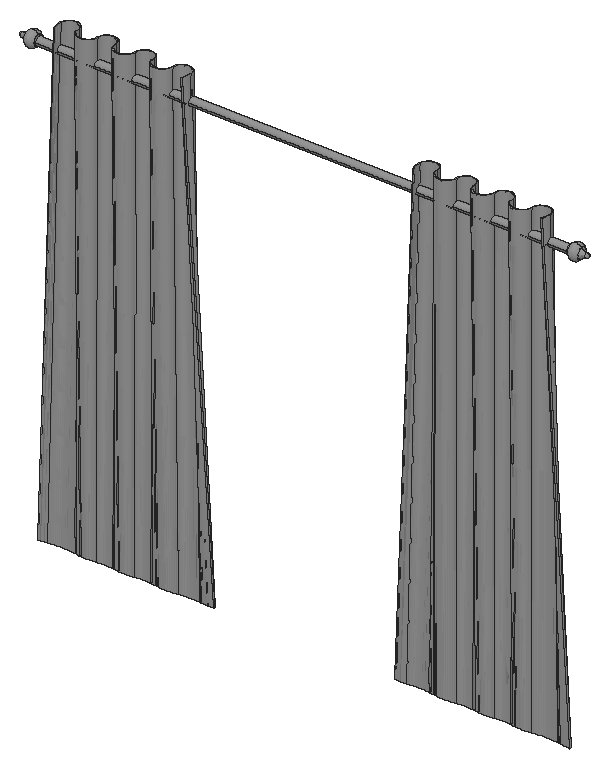
Revit family "Curtains_13832", category Furniture, Revit 2020
Family settings
  OmniClass Number = 23.40.20.00
  OmniClass Title = General Furniture and Specialties
  Work Plane-Based = No
  Always vertical = Yes
  Cut with Voids When Loaded = No
  Shared = No
  Room Calculation Point = No
Parameters
  Rail Height = 2500 mm
  Pole Width = 1700 mm
  Pole Material = Walnut
  Default Elevation = 0 mm
  Curtain Material = Velvet
  Curtain Drop = 1500 mm
  Cap Height = Rail Height - 75 mm  # 2425 mm
Reference planes
  plane 1 "Center (Front/Back)": y = 0
  plane 2: z = 0
  plane 3 "Center (Left/Right)": x = 0
  plane 4 "TOP": z = 2500
  plane 5 "Right": x = 850
  plane 6 "Left": x = -850
  plane 7: z = 2425
Forms (mm)
  Blend 1, solid, material "Velvet" <- "Curtain Material", not visible
    base sketch origin (379.821, 0, 0) x (-1, 0, 0) y (0, -1, 0)
      loop
        arc (-456.779, -1.388) -> (-419.035, -4.547) -> (-381.284, -1.471) r 230.096
        arc (-381.284, -1.471) -> (-339.158, 1.985) -> (-297.033, -1.471) r 258.477
        arc (-297.033, -1.471) -> (-268.534, -3.809) -> (-240.036, -1.471) r 174.863
        arc (-240.036, -1.471) -> (-208.534, 1.114) -> (-177.033, -1.471) r 193.291
        arc (-177.033, -1.471) -> (-148.534, -3.809) -> (-120.036, -1.471) r 174.863
        arc (-120.036, -1.471) -> (-88.534, 1.114) -> (-57.033, -1.471) r 193.291
        arc (-57.033, -1.471) -> (-10.766, -5.246) -> (35.494, -1.389) r 282.352
        arc (35.494, -1.389) -> (51.193, 0.745) -> (66.992, 1.922) r 260.789
        line (66.992, 1.922) -> (66.992, 4.925)
        arc (66.992, 4.925) -> (50.945, 3.736) -> (35, 1.57) r 263.789
        arc (35, 1.57) -> (-10.769, -2.246) -> (-56.544, 1.489) r 279.352
        arc (-56.544, 1.489) -> (-88.534, 4.114) -> (-120.525, 1.489) r 196.291
        arc (-120.525, 1.489) -> (-148.534, -0.809) -> (-176.544, 1.489) r 171.863
        arc (-176.544, 1.489) -> (-208.534, 4.114) -> (-240.525, 1.489) r 196.291
        arc (-240.525, 1.489) -> (-268.534, -0.809) -> (-296.544, 1.489) r 171.863
        arc (-296.544, 1.489) -> (-339.158, 4.985) -> (-381.773, 1.489) r 261.477
        arc (-381.773, 1.489) -> (-419.032, -1.547) -> (-456.284, 1.571) r 227.096
        arc (-456.284, 1.571) -> (-474.638, 3.096) -> (-492.991, 1.571) r 111.149
        line (-492.991, 1.571) -> (-492.991, -1.472)
        arc (-492.991, -1.472) -> (-474.889, 0.096) -> (-456.779, -1.388) r 108.149
    top sketch origin (379.821, 0, 0) x (-1, 0, 0) y (0, -1, 0)
      loop
        arc (-420, 0) -> (-390, -30) -> (-360, 0) r 30
        arc (-360, 0) -> (-330, 30) -> (-300, 0) r 30
        arc (-300, 0) -> (-270, -30) -> (-240, 0) r 30
        arc (-240, 0) -> (-210, 30) -> (-180, 0) r 30
        arc (-180, 0) -> (-150, -30) -> (-120, 0) r 30
        arc (-120, 0) -> (-90, 30) -> (-60, 0) r 30
        arc (-60, 0) -> (-30.736, -29.991) -> (-0.036, -1.471) r 30
        arc (-0.036, -1.471) -> (-0.912, 13.794) -> (-4.992, 28.529) r 72.004
        line (-4.992, 28.529) -> (-7.979, 28.529)
        arc (-7.979, 28.529) -> (-3.89, 13.834) -> (-3.036, -1.395) r 70.952
        arc (-3.036, -1.395) -> (-30.698, -26.991) -> (-57, 0) r 27
        arc (-57, 0) -> (-90, 33) -> (-123, 0) r 33
        arc (-123, 0) -> (-150, -27) -> (-177, 0) r 27
        arc (-177, 0) -> (-210, 33) -> (-243, 0) r 33
        arc (-243, 0) -> (-270, -27) -> (-297, 0) r 27
        arc (-297, 0) -> (-330, 33) -> (-363, 0) r 33
        arc (-363, 0) -> (-390, -27) -> (-417, 0) r 27
        arc (-417, 0) -> (-415.753, 15.203) -> (-412.044, 30) r 93.286
        line (-412.044, 30) -> (-414.977, 30)
        arc (-414.977, 30) -> (-418.736, 15.209) -> (-420, 0) r 92.103
    from 1000 to 3000
  Blend 2, solid, material "Velvet" <- "Curtain Material", not visible
    base sketch origin (-322.009, 0, 0) x (1, 0, 0) y (0, 1, 0)
      loop
        arc (-456.779, 1.388) -> (-474.889, -0.096) -> (-492.991, 1.472) r 108.149
        line (-492.991, 1.472) -> (-492.991, -1.571)
        arc (-492.991, -1.571) -> (-474.638, -3.096) -> (-456.284, -1.571) r 111.149
        arc (-456.284, -1.571) -> (-419.032, 1.547) -> (-381.773, -1.489) r 227.096
        arc (-381.773, -1.489) -> (-339.158, -4.985) -> (-296.544, -1.489) r 261.477
        arc (-296.544, -1.489) -> (-268.534, 0.809) -> (-240.525, -1.489) r 171.863
        arc (-240.525, -1.489) -> (-208.534, -4.114) -> (-176.544, -1.489) r 196.291
        arc (-176.544, -1.489) -> (-148.534, 0.809) -> (-120.525, -1.489) r 171.863
        arc (-120.525, -1.489) -> (-88.534, -4.114) -> (-56.544, -1.489) r 196.291
        arc (-56.544, -1.489) -> (-10.769, 2.246) -> (35, -1.57) r 279.352
        arc (35, -1.57) -> (50.945, -3.736) -> (66.992, -4.925) r 263.789
        line (66.992, -4.925) -> (66.992, -1.922)
        arc (66.992, -1.922) -> (51.193, -0.745) -> (35.494, 1.389) r 260.789
        arc (35.494, 1.389) -> (-10.766, 5.246) -> (-57.033, 1.471) r 282.352
        arc (-57.033, 1.471) -> (-88.534, -1.114) -> (-120.036, 1.471) r 193.291
        arc (-120.036, 1.471) -> (-148.534, 3.809) -> (-177.033, 1.471) r 174.863
        arc (-177.033, 1.471) -> (-208.534, -1.114) -> (-240.036, 1.471) r 193.291
        arc (-240.036, 1.471) -> (-268.534, 3.809) -> (-297.033, 1.471) r 174.863
        arc (-297.033, 1.471) -> (-339.158, -1.985) -> (-381.284, 1.471) r 258.477
        arc (-381.284, 1.471) -> (-419.035, 4.547) -> (-456.779, 1.388) r 230.096
    top sketch origin (-322.009, 0, 0) x (1, 0, 0) y (0, 1, 0)
      loop
        arc (-420, 0) -> (-418.736, -15.209) -> (-414.977, -30) r 92.103
        line (-414.977, -30) -> (-412.044, -30)
        arc (-412.044, -30) -> (-415.753, -15.203) -> (-417, 0) r 93.286
        arc (-417, 0) -> (-390, 27) -> (-363, 0) r 27
        arc (-363, 0) -> (-330, -33) -> (-297, 0) r 33
        arc (-297, 0) -> (-270, 27) -> (-243, 0) r 27
        arc (-243, 0) -> (-210, -33) -> (-177, 0) r 33
        arc (-177, 0) -> (-150, 27) -> (-123, 0) r 27
        arc (-123, 0) -> (-90, -33) -> (-57, 0) r 33
        arc (-57, 0) -> (-30.698, 26.991) -> (-3.036, 1.395) r 27
        arc (-3.036, 1.395) -> (-3.89, -13.834) -> (-7.979, -28.529) r 70.952
        line (-7.979, -28.529) -> (-4.992, -28.529)
        arc (-4.992, -28.529) -> (-0.912, -13.794) -> (-0.036, 1.471) r 72.004
        arc (-0.036, 1.471) -> (-30.736, 29.991) -> (-60, 0) r 30
        arc (-60, 0) -> (-90, -30) -> (-120, 0) r 30
        arc (-120, 0) -> (-150, 30) -> (-180, 0) r 30
        arc (-180, 0) -> (-210, -30) -> (-240, 0) r 30
        arc (-240, 0) -> (-270, 30) -> (-300, 0) r 30
        arc (-300, 0) -> (-330, -30) -> (-360, 0) r 30
        arc (-360, 0) -> (-390, 30) -> (-420, 0) r 30
    from 1000 to 3000
  Blend 3, solid, material "Velvet" <- "Curtain Material", not visible
    base sketch origin (-481.992, 0, 0) x (1, 0, 0) y (0, 1, 0)
      loop
        arc (-456.779, 1.388) -> (-474.889, -0.096) -> (-492.991, 1.472) r 108.149
        line (-492.991, 1.472) -> (-492.991, -1.571)
        arc (-492.991, -1.571) -> (-474.638, -3.096) -> (-456.284, -1.571) r 111.149
        arc (-456.284, -1.571) -> (-419.032, 1.547) -> (-381.773, -1.489) r 227.096
        arc (-381.773, -1.489) -> (-339.158, -4.985) -> (-296.544, -1.489) r 261.477
        arc (-296.544, -1.489) -> (-268.534, 0.809) -> (-240.525, -1.489) r 171.863
        arc (-240.525, -1.489) -> (-208.534, -4.114) -> (-176.544, -1.489) r 196.291
        arc (-176.544, -1.489) -> (-148.534, 0.809) -> (-120.525, -1.489) r 171.863
        arc (-120.525, -1.489) -> (-88.534, -4.114) -> (-56.544, -1.489) r 196.291
        arc (-56.544, -1.489) -> (-10.769, 2.246) -> (35, -1.57) r 279.352
        arc (35, -1.57) -> (50.945, -3.736) -> (66.992, -4.925) r 263.789
        line (66.992, -4.925) -> (66.992, -1.922)
        arc (66.992, -1.922) -> (51.193, -0.745) -> (35.494, 1.389) r 260.789
        arc (35.494, 1.389) -> (-10.766, 5.246) -> (-57.033, 1.471) r 282.352
        arc (-57.033, 1.471) -> (-88.534, -1.114) -> (-120.036, 1.471) r 193.291
        arc (-120.036, 1.471) -> (-148.534, 3.809) -> (-177.033, 1.471) r 174.863
        arc (-177.033, 1.471) -> (-208.534, -1.114) -> (-240.036, 1.471) r 193.291
        arc (-240.036, 1.471) -> (-268.534, 3.809) -> (-297.033, 1.471) r 174.863
        arc (-297.033, 1.471) -> (-339.158, -1.985) -> (-381.284, 1.471) r 258.477
        arc (-381.284, 1.471) -> (-419.035, 4.547) -> (-456.779, 1.388) r 230.096
    top sketch origin (-481.992, 0, 0) x (1, 0, 0) y (0, 1, 0)
      loop
        arc (-420, 0) -> (-418.736, -15.209) -> (-414.977, -30) r 92.103
        line (-414.977, -30) -> (-412.044, -30)
        arc (-412.044, -30) -> (-415.753, -15.203) -> (-417, 0) r 93.286
        arc (-417, 0) -> (-390, 27) -> (-363, 0) r 27
        arc (-363, 0) -> (-330, -33) -> (-297, 0) r 33
        arc (-297, 0) -> (-270, 27) -> (-243, 0) r 27
        arc (-243, 0) -> (-210, -33) -> (-177, 0) r 33
        arc (-177, 0) -> (-150, 27) -> (-123, 0) r 27
        arc (-123, 0) -> (-90, -33) -> (-57, 0) r 33
        arc (-57, 0) -> (-30.698, 26.991) -> (-3.036, 1.395) r 27
        arc (-3.036, 1.395) -> (-3.89, -13.834) -> (-7.979, -28.529) r 70.952
        line (-7.979, -28.529) -> (-4.992, -28.529)
        arc (-4.992, -28.529) -> (-0.912, -13.794) -> (-0.036, 1.471) r 72.004
        arc (-0.036, 1.471) -> (-30.736, 29.991) -> (-60, 0) r 30
        arc (-60, 0) -> (-90, -30) -> (-120, 0) r 30
        arc (-120, 0) -> (-150, 30) -> (-180, 0) r 30
        arc (-180, 0) -> (-210, -30) -> (-240, 0) r 30
        arc (-240, 0) -> (-270, 30) -> (-300, 0) r 30
        arc (-300, 0) -> (-330, -30) -> (-360, 0) r 30
        arc (-360, 0) -> (-390, 30) -> (-420, 0) r 30
    from 500 to 3000
  Blend 4, solid, material "Velvet" <- "Curtain Material", not visible
    base sketch origin (481.992, 0, 0) x (-1, 0, 0) y (0, -1, 0)
      loop
        arc (-456.779, -1.388) -> (-419.035, -4.547) -> (-381.284, -1.471) r 230.096
        arc (-381.284, -1.471) -> (-339.158, 1.985) -> (-297.033, -1.471) r 258.477
        arc (-297.033, -1.471) -> (-268.534, -3.809) -> (-240.036, -1.471) r 174.863
        arc (-240.036, -1.471) -> (-208.534, 1.114) -> (-177.033, -1.471) r 193.291
        arc (-177.033, -1.471) -> (-148.534, -3.809) -> (-120.036, -1.471) r 174.863
        arc (-120.036, -1.471) -> (-88.534, 1.114) -> (-57.033, -1.471) r 193.291
        arc (-57.033, -1.471) -> (-10.766, -5.246) -> (35.494, -1.389) r 282.352
        arc (35.494, -1.389) -> (51.193, 0.745) -> (66.992, 1.922) r 260.789
        line (66.992, 1.922) -> (66.992, 4.925)
        arc (66.992, 4.925) -> (50.945, 3.736) -> (35, 1.57) r 263.789
        arc (35, 1.57) -> (-10.769, -2.246) -> (-56.544, 1.489) r 279.352
        arc (-56.544, 1.489) -> (-88.534, 4.114) -> (-120.525, 1.489) r 196.291
        arc (-120.525, 1.489) -> (-148.534, -0.809) -> (-176.544, 1.489) r 171.863
        arc (-176.544, 1.489) -> (-208.534, 4.114) -> (-240.525, 1.489) r 196.291
        arc (-240.525, 1.489) -> (-268.534, -0.809) -> (-296.544, 1.489) r 171.863
        arc (-296.544, 1.489) -> (-339.158, 4.985) -> (-381.773, 1.489) r 261.477
        arc (-381.773, 1.489) -> (-419.032, -1.547) -> (-456.284, 1.571) r 227.096
        arc (-456.284, 1.571) -> (-474.638, 3.096) -> (-492.991, 1.571) r 111.149
        line (-492.991, 1.571) -> (-492.991, -1.472)
        arc (-492.991, -1.472) -> (-474.889, 0.096) -> (-456.779, -1.388) r 108.149
    top sketch origin (481.992, 0, 0) x (-1, 0, 0) y (0, -1, 0)
      loop
        arc (-420, 0) -> (-390, -30) -> (-360, 0) r 30
        arc (-360, 0) -> (-330, 30) -> (-300, 0) r 30
        arc (-300, 0) -> (-270, -30) -> (-240, 0) r 30
        arc (-240, 0) -> (-210, 30) -> (-180, 0) r 30
        arc (-180, 0) -> (-150, -30) -> (-120, 0) r 30
        arc (-120, 0) -> (-90, 30) -> (-60, 0) r 30
        arc (-60, 0) -> (-30.736, -29.991) -> (-0.036, -1.471) r 30
        arc (-0.036, -1.471) -> (-0.912, 13.794) -> (-4.992, 28.529) r 72.004
        line (-4.992, 28.529) -> (-7.979, 28.529)
        arc (-7.979, 28.529) -> (-3.89, 13.834) -> (-3.036, -1.395) r 70.952
        arc (-3.036, -1.395) -> (-30.698, -26.991) -> (-57, 0) r 27
        arc (-57, 0) -> (-90, 33) -> (-123, 0) r 33
        arc (-123, 0) -> (-150, -27) -> (-177, 0) r 27
        arc (-177, 0) -> (-210, 33) -> (-243, 0) r 33
        arc (-243, 0) -> (-270, -27) -> (-297, 0) r 27
        arc (-297, 0) -> (-330, 33) -> (-363, 0) r 33
        arc (-363, 0) -> (-390, -27) -> (-417, 0) r 27
        arc (-417, 0) -> (-415.753, 15.203) -> (-412.044, 30) r 93.286
        line (-412.044, 30) -> (-414.977, 30)
        arc (-414.977, 30) -> (-418.736, 15.209) -> (-420, 0) r 92.103
    from 500 to 3000
  Blend 5, solid, material "Velvet" <- "Curtain Material"
    base sketch origin (-1403.008, 0, 0) x (-1, 0, 0) y (0, -1, 0)
      loop
        arc (-1076.779, -1.388) -> (-1039.035, -4.547) -> (-1001.284, -1.471) r 230.096
        arc (-1001.284, -1.471) -> (-959.158, 1.985) -> (-917.033, -1.471) r 258.477
        arc (-917.033, -1.471) -> (-888.534, -3.809) -> (-860.036, -1.471) r 174.863
        arc (-860.036, -1.471) -> (-828.534, 1.114) -> (-797.033, -1.471) r 193.291
        arc (-797.033, -1.471) -> (-768.534, -3.809) -> (-740.036, -1.471) r 174.863
        arc (-740.036, -1.471) -> (-708.534, 1.114) -> (-677.033, -1.471) r 193.291
        arc (-677.033, -1.471) -> (-630.766, -5.246) -> (-584.506, -1.389) r 282.352
        arc (-584.506, -1.389) -> (-568.807, 0.745) -> (-553.008, 1.922) r 260.789
        line (-553.008, 1.922) -> (-553.008, 4.925)
        arc (-553.008, 4.925) -> (-569.055, 3.736) -> (-585, 1.57) r 263.789
        arc (-585, 1.57) -> (-630.769, -2.246) -> (-676.544, 1.489) r 279.352
        arc (-676.544, 1.489) -> (-708.534, 4.114) -> (-740.525, 1.489) r 196.291
        arc (-740.525, 1.489) -> (-768.534, -0.809) -> (-796.544, 1.489) r 171.863
        arc (-796.544, 1.489) -> (-828.534, 4.114) -> (-860.525, 1.489) r 196.291
        arc (-860.525, 1.489) -> (-888.534, -0.809) -> (-916.544, 1.489) r 171.863
        arc (-916.544, 1.489) -> (-959.158, 4.985) -> (-1001.773, 1.489) r 261.477
        arc (-1001.773, 1.489) -> (-1039.032, -1.547) -> (-1076.284, 1.571) r 227.096
        arc (-1076.284, 1.571) -> (-1094.638, 3.096) -> (-1112.991, 1.571) r 111.149
        line (-1112.991, 1.571) -> (-1112.991, -1.472)
        arc (-1112.991, -1.472) -> (-1094.889, 0.096) -> (-1076.779, -1.388) r 108.149
    top sketch origin (-1403.008, 0, 0) x (-1, 0, 0) y (0, -1, 0)
      loop
        arc (-1040, 0) -> (-1010, -30) -> (-980, 0) r 30
        arc (-980, 0) -> (-950, 30) -> (-920, 0) r 30
        arc (-920, 0) -> (-890, -30) -> (-860, 0) r 30
        arc (-860, 0) -> (-830, 30) -> (-800, 0) r 30
        arc (-800, 0) -> (-770, -30) -> (-740, 0) r 30
        arc (-740, 0) -> (-710, 30) -> (-680, 0) r 30
        arc (-680, 0) -> (-650.736, -29.991) -> (-620.036, -1.471) r 30
        arc (-620.036, -1.471) -> (-620.912, 13.794) -> (-624.992, 28.529) r 72.004
        line (-624.992, 28.529) -> (-627.979, 28.529)
        arc (-627.979, 28.529) -> (-623.89, 13.834) -> (-623.036, -1.395) r 70.952
        arc (-623.036, -1.395) -> (-650.698, -26.991) -> (-677, 0) r 27
        arc (-677, 0) -> (-710, 33) -> (-743, 0) r 33
        arc (-743, 0) -> (-770, -27) -> (-797, 0) r 27
        arc (-797, 0) -> (-830, 33) -> (-863, 0) r 33
        arc (-863, 0) -> (-890, -27) -> (-917, 0) r 27
        arc (-917, 0) -> (-950, 33) -> (-983, 0) r 33
        arc (-983, 0) -> (-1010, -27) -> (-1037, 0) r 27
        arc (-1037, 0) -> (-1035.753, 15.203) -> (-1032.044, 30) r 93.286
        line (-1032.044, 30) -> (-1034.977, 30)
        arc (-1034.977, 30) -> (-1038.736, 15.209) -> (-1040, 0) r 92.103
    from 1000 to 2500
  Blend 6, solid, material "Velvet" <- "Curtain Material"
    base sketch origin (1403.008, 0, 0) x (1, 0, 0) y (0, 1, 0)
      loop
        arc (-1076.779, 1.388) -> (-1094.889, -0.096) -> (-1112.991, 1.472) r 108.149
        line (-1112.991, 1.472) -> (-1112.991, -1.571)
        arc (-1112.991, -1.571) -> (-1094.638, -3.096) -> (-1076.284, -1.571) r 111.149
        arc (-1076.284, -1.571) -> (-1039.032, 1.547) -> (-1001.773, -1.489) r 227.096
        arc (-1001.773, -1.489) -> (-959.158, -4.985) -> (-916.544, -1.489) r 261.477
        arc (-916.544, -1.489) -> (-888.534, 0.809) -> (-860.525, -1.489) r 171.863
        arc (-860.525, -1.489) -> (-828.534, -4.114) -> (-796.544, -1.489) r 196.291
        arc (-796.544, -1.489) -> (-768.534, 0.809) -> (-740.525, -1.489) r 171.863
        arc (-740.525, -1.489) -> (-708.534, -4.114) -> (-676.544, -1.489) r 196.291
        arc (-676.544, -1.489) -> (-630.769, 2.246) -> (-585, -1.57) r 279.352
        arc (-585, -1.57) -> (-569.055, -3.736) -> (-553.008, -4.925) r 263.789
        line (-553.008, -4.925) -> (-553.008, -1.922)
        arc (-553.008, -1.922) -> (-568.807, -0.745) -> (-584.506, 1.389) r 260.789
        arc (-584.506, 1.389) -> (-630.766, 5.246) -> (-677.033, 1.471) r 282.352
        arc (-677.033, 1.471) -> (-708.534, -1.114) -> (-740.036, 1.471) r 193.291
        arc (-740.036, 1.471) -> (-768.534, 3.809) -> (-797.033, 1.471) r 174.863
        arc (-797.033, 1.471) -> (-828.534, -1.114) -> (-860.036, 1.471) r 193.291
        arc (-860.036, 1.471) -> (-888.534, 3.809) -> (-917.033, 1.471) r 174.863
        arc (-917.033, 1.471) -> (-959.158, -1.985) -> (-1001.284, 1.471) r 258.477
        arc (-1001.284, 1.471) -> (-1039.035, 4.547) -> (-1076.779, 1.388) r 230.096
    top sketch origin (1403.008, 0, 0) x (1, 0, 0) y (0, 1, 0)
      loop
        arc (-1040, 0) -> (-1038.736, -15.209) -> (-1034.977, -30) r 92.103
        line (-1034.977, -30) -> (-1032.044, -30)
        arc (-1032.044, -30) -> (-1035.753, -15.203) -> (-1037, 0) r 93.286
        arc (-1037, 0) -> (-1010, 27) -> (-983, 0) r 27
        arc (-983, 0) -> (-950, -33) -> (-917, 0) r 33
        arc (-917, 0) -> (-890, 27) -> (-863, 0) r 27
        arc (-863, 0) -> (-830, -33) -> (-797, 0) r 33
        arc (-797, 0) -> (-770, 27) -> (-743, 0) r 27
        arc (-743, 0) -> (-710, -33) -> (-677, 0) r 33
        arc (-677, 0) -> (-650.698, 26.991) -> (-623.036, 1.395) r 27
        arc (-623.036, 1.395) -> (-623.89, -13.834) -> (-627.979, -28.529) r 70.952
        line (-627.979, -28.529) -> (-624.992, -28.529)
        arc (-624.992, -28.529) -> (-620.912, -13.794) -> (-620.036, 1.471) r 72.004
        arc (-620.036, 1.471) -> (-650.736, 29.991) -> (-680, 0) r 30
        arc (-680, 0) -> (-710, -30) -> (-740, 0) r 30
        arc (-740, 0) -> (-770, 30) -> (-800, 0) r 30
        arc (-800, 0) -> (-830, -30) -> (-860, 0) r 30
        arc (-860, 0) -> (-890, 30) -> (-920, 0) r 30
        arc (-920, 0) -> (-950, -30) -> (-980, 0) r 30
        arc (-980, 0) -> (-1010, 30) -> (-1040, 0) r 30
    from 1000 to 2500
  Blend 7, solid, material "Velvet" <- "Curtain Material", not visible
    base sketch origin (-1433.008, 0, 0) x (-1, 0, 0) y (0, -1, 0)
      loop
        arc (-706.779, -1.388) -> (-669.035, -4.547) -> (-631.284, -1.471) r 230.096
        arc (-631.284, -1.471) -> (-589.158, 1.985) -> (-547.033, -1.471) r 258.477
        arc (-547.033, -1.471) -> (-518.534, -3.809) -> (-490.036, -1.471) r 174.863
        arc (-490.036, -1.471) -> (-458.534, 1.114) -> (-427.033, -1.471) r 193.291
        arc (-427.033, -1.471) -> (-398.534, -3.809) -> (-370.036, -1.471) r 174.863
        arc (-370.036, -1.471) -> (-338.534, 1.114) -> (-307.033, -1.471) r 193.291
        arc (-307.033, -1.471) -> (-260.766, -5.246) -> (-214.506, -1.389) r 282.352
        arc (-214.506, -1.389) -> (-198.807, 0.745) -> (-183.008, 1.922) r 260.789
        line (-183.008, 1.922) -> (-183.008, 4.925)
        arc (-183.008, 4.925) -> (-199.055, 3.736) -> (-215, 1.57) r 263.789
        arc (-215, 1.57) -> (-260.769, -2.246) -> (-306.544, 1.489) r 279.352
        arc (-306.544, 1.489) -> (-338.534, 4.114) -> (-370.525, 1.489) r 196.291
        arc (-370.525, 1.489) -> (-398.534, -0.809) -> (-426.544, 1.489) r 171.863
        arc (-426.544, 1.489) -> (-458.534, 4.114) -> (-490.525, 1.489) r 196.291
        arc (-490.525, 1.489) -> (-518.534, -0.809) -> (-546.544, 1.489) r 171.863
        arc (-546.544, 1.489) -> (-589.158, 4.985) -> (-631.773, 1.489) r 261.477
        arc (-631.773, 1.489) -> (-669.032, -1.547) -> (-706.284, 1.571) r 227.096
        arc (-706.284, 1.571) -> (-724.638, 3.096) -> (-742.991, 1.571) r 111.149
        line (-742.991, 1.571) -> (-742.991, -1.472)
        arc (-742.991, -1.472) -> (-724.889, 0.096) -> (-706.779, -1.388) r 108.149
    top sketch origin (-1433.008, 0, 0) x (-1, 0, 0) y (0, -1, 0)
      loop
        arc (-670, 0) -> (-640, -30) -> (-610, 0) r 30
        arc (-610, 0) -> (-580, 30) -> (-550, 0) r 30
        arc (-550, 0) -> (-520, -30) -> (-490, 0) r 30
        arc (-490, 0) -> (-460, 30) -> (-430, 0) r 30
        arc (-430, 0) -> (-400, -30) -> (-370, 0) r 30
        arc (-370, 0) -> (-340, 30) -> (-310, 0) r 30
        arc (-310, 0) -> (-280.736, -29.991) -> (-250.036, -1.471) r 30
        arc (-250.036, -1.471) -> (-250.912, 13.794) -> (-254.992, 28.529) r 72.004
        line (-254.992, 28.529) -> (-257.979, 28.529)
        arc (-257.979, 28.529) -> (-253.89, 13.834) -> (-253.036, -1.395) r 70.952
        arc (-253.036, -1.395) -> (-280.698, -26.991) -> (-307, 0) r 27
        arc (-307, 0) -> (-340, 33) -> (-373, 0) r 33
        arc (-373, 0) -> (-400, -27) -> (-427, 0) r 27
        arc (-427, 0) -> (-460, 33) -> (-493, 0) r 33
        arc (-493, 0) -> (-520, -27) -> (-547, 0) r 27
        arc (-547, 0) -> (-580, 33) -> (-613, 0) r 33
        arc (-613, 0) -> (-640, -27) -> (-667, 0) r 27
        arc (-667, 0) -> (-665.753, 15.203) -> (-662.044, 30) r 93.286
        line (-662.044, 30) -> (-664.977, 30)
        arc (-664.977, 30) -> (-668.736, 15.209) -> (-670, 0) r 92.103
    from 1000 to 3000
  Blend 8, solid, material "Velvet" <- "Curtain Material", not visible
    base sketch origin (1433.008, 0, 0) x (1, 0, 0) y (0, 1, 0)
      loop
        arc (-706.779, 1.388) -> (-724.889, -0.096) -> (-742.991, 1.472) r 108.149
        line (-742.991, 1.472) -> (-742.991, -1.571)
        arc (-742.991, -1.571) -> (-724.638, -3.096) -> (-706.284, -1.571) r 111.149
        arc (-706.284, -1.571) -> (-669.032, 1.547) -> (-631.773, -1.489) r 227.096
        arc (-631.773, -1.489) -> (-589.158, -4.985) -> (-546.544, -1.489) r 261.477
        arc (-546.544, -1.489) -> (-518.534, 0.809) -> (-490.525, -1.489) r 171.863
        arc (-490.525, -1.489) -> (-458.534, -4.114) -> (-426.544, -1.489) r 196.291
        arc (-426.544, -1.489) -> (-398.534, 0.809) -> (-370.525, -1.489) r 171.863
        arc (-370.525, -1.489) -> (-338.534, -4.114) -> (-306.544, -1.489) r 196.291
        arc (-306.544, -1.489) -> (-260.769, 2.246) -> (-215, -1.57) r 279.352
        arc (-215, -1.57) -> (-199.055, -3.736) -> (-183.008, -4.925) r 263.789
        line (-183.008, -4.925) -> (-183.008, -1.922)
        arc (-183.008, -1.922) -> (-198.807, -0.745) -> (-214.506, 1.389) r 260.789
        arc (-214.506, 1.389) -> (-260.766, 5.246) -> (-307.033, 1.471) r 282.352
        arc (-307.033, 1.471) -> (-338.534, -1.114) -> (-370.036, 1.471) r 193.291
        arc (-370.036, 1.471) -> (-398.534, 3.809) -> (-427.033, 1.471) r 174.863
        arc (-427.033, 1.471) -> (-458.534, -1.114) -> (-490.036, 1.471) r 193.291
        arc (-490.036, 1.471) -> (-518.534, 3.809) -> (-547.033, 1.471) r 174.863
        arc (-547.033, 1.471) -> (-589.158, -1.985) -> (-631.284, 1.471) r 258.477
        arc (-631.284, 1.471) -> (-669.035, 4.547) -> (-706.779, 1.388) r 230.096
    top sketch origin (1433.008, 0, 0) x (1, 0, 0) y (0, 1, 0)
      loop
        arc (-670, 0) -> (-668.736, -15.209) -> (-664.977, -30) r 92.103
        line (-664.977, -30) -> (-662.044, -30)
        arc (-662.044, -30) -> (-665.753, -15.203) -> (-667, 0) r 93.286
        arc (-667, 0) -> (-640, 27) -> (-613, 0) r 27
        arc (-613, 0) -> (-580, -33) -> (-547, 0) r 33
        arc (-547, 0) -> (-520, 27) -> (-493, 0) r 27
        arc (-493, 0) -> (-460, -33) -> (-427, 0) r 33
        arc (-427, 0) -> (-400, 27) -> (-373, 0) r 27
        arc (-373, 0) -> (-340, -33) -> (-307, 0) r 33
        arc (-307, 0) -> (-280.698, 26.991) -> (-253.036, 1.395) r 27
        arc (-253.036, 1.395) -> (-253.89, -13.834) -> (-257.979, -28.529) r 70.952
        line (-257.979, -28.529) -> (-254.992, -28.529)
        arc (-254.992, -28.529) -> (-250.912, -13.794) -> (-250.036, 1.471) r 72.004
        arc (-250.036, 1.471) -> (-280.736, 29.991) -> (-310, 0) r 30
        arc (-310, 0) -> (-340, -30) -> (-370, 0) r 30
        arc (-370, 0) -> (-400, 30) -> (-430, 0) r 30
        arc (-430, 0) -> (-460, -30) -> (-490, 0) r 30
        arc (-490, 0) -> (-520, 30) -> (-550, 0) r 30
        arc (-550, 0) -> (-580, -30) -> (-610, 0) r 30
        arc (-610, 0) -> (-640, 30) -> (-670, 0) r 30
    from 1000 to 3000
  Blend 9, solid, material "Velvet" <- "Curtain Material", not visible
    base sketch origin (933.008, 0, 0) x (1, 0, 0) y (0, 1, 0)
      loop
        arc (-706.779, 1.388) -> (-724.889, -0.096) -> (-742.991, 1.472) r 108.149
        line (-742.991, 1.472) -> (-742.991, -1.571)
        arc (-742.991, -1.571) -> (-724.638, -3.096) -> (-706.284, -1.571) r 111.149
        arc (-706.284, -1.571) -> (-669.032, 1.547) -> (-631.773, -1.489) r 227.096
        arc (-631.773, -1.489) -> (-589.158, -4.985) -> (-546.544, -1.489) r 261.477
        arc (-546.544, -1.489) -> (-518.534, 0.809) -> (-490.525, -1.489) r 171.863
        arc (-490.525, -1.489) -> (-458.534, -4.114) -> (-426.544, -1.489) r 196.291
        arc (-426.544, -1.489) -> (-398.534, 0.809) -> (-370.525, -1.489) r 171.863
        arc (-370.525, -1.489) -> (-338.534, -4.114) -> (-306.544, -1.489) r 196.291
        arc (-306.544, -1.489) -> (-260.769, 2.246) -> (-215, -1.57) r 279.352
        arc (-215, -1.57) -> (-199.055, -3.736) -> (-183.008, -4.925) r 263.789
        line (-183.008, -4.925) -> (-183.008, -1.922)
        arc (-183.008, -1.922) -> (-198.807, -0.745) -> (-214.506, 1.389) r 260.789
        arc (-214.506, 1.389) -> (-260.766, 5.246) -> (-307.033, 1.471) r 282.352
        arc (-307.033, 1.471) -> (-338.534, -1.114) -> (-370.036, 1.471) r 193.291
        arc (-370.036, 1.471) -> (-398.534, 3.809) -> (-427.033, 1.471) r 174.863
        arc (-427.033, 1.471) -> (-458.534, -1.114) -> (-490.036, 1.471) r 193.291
        arc (-490.036, 1.471) -> (-518.534, 3.809) -> (-547.033, 1.471) r 174.863
        arc (-547.033, 1.471) -> (-589.158, -1.985) -> (-631.284, 1.471) r 258.477
        arc (-631.284, 1.471) -> (-669.035, 4.547) -> (-706.779, 1.388) r 230.096
    top sketch origin (933.008, 0, 0) x (1, 0, 0) y (0, 1, 0)
      loop
        arc (-670, 0) -> (-668.736, -15.209) -> (-664.977, -30) r 92.103
        line (-664.977, -30) -> (-662.044, -30)
        arc (-662.044, -30) -> (-665.753, -15.203) -> (-667, 0) r 93.286
        arc (-667, 0) -> (-640, 27) -> (-613, 0) r 27
        arc (-613, 0) -> (-580, -33) -> (-547, 0) r 33
        arc (-547, 0) -> (-520, 27) -> (-493, 0) r 27
        arc (-493, 0) -> (-460, -33) -> (-427, 0) r 33
        arc (-427, 0) -> (-400, 27) -> (-373, 0) r 27
        arc (-373, 0) -> (-340, -33) -> (-307, 0) r 33
        arc (-307, 0) -> (-280.698, 26.991) -> (-253.036, 1.395) r 27
        arc (-253.036, 1.395) -> (-253.89, -13.834) -> (-257.979, -28.529) r 70.952
        line (-257.979, -28.529) -> (-254.992, -28.529)
        arc (-254.992, -28.529) -> (-250.912, -13.794) -> (-250.036, 1.471) r 72.004
        arc (-250.036, 1.471) -> (-280.736, 29.991) -> (-310, 0) r 30
        arc (-310, 0) -> (-340, -30) -> (-370, 0) r 30
        arc (-370, 0) -> (-400, 30) -> (-430, 0) r 30
        arc (-430, 0) -> (-460, -30) -> (-490, 0) r 30
        arc (-490, 0) -> (-520, 30) -> (-550, 0) r 30
        arc (-550, 0) -> (-580, -30) -> (-610, 0) r 30
        arc (-610, 0) -> (-640, 30) -> (-670, 0) r 30
    from 0 to 2000
  Blend 10, solid, material "Velvet" <- "Curtain Material", not visible
    base sketch origin (-933.008, 0, 1000) x (-1, 0, 0) y (0, -1, 0)
      loop
        arc (-706.779, -1.388) -> (-669.035, -4.547) -> (-631.284, -1.471) r 230.096
        arc (-631.284, -1.471) -> (-589.158, 1.985) -> (-547.033, -1.471) r 258.477
        arc (-547.033, -1.471) -> (-518.534, -3.809) -> (-490.036, -1.471) r 174.863
        arc (-490.036, -1.471) -> (-458.534, 1.114) -> (-427.033, -1.471) r 193.291
        arc (-427.033, -1.471) -> (-398.534, -3.809) -> (-370.036, -1.471) r 174.863
        arc (-370.036, -1.471) -> (-338.534, 1.114) -> (-307.033, -1.471) r 193.291
        arc (-307.033, -1.471) -> (-260.766, -5.246) -> (-214.506, -1.389) r 282.352
        arc (-214.506, -1.389) -> (-198.807, 0.745) -> (-183.008, 1.922) r 260.789
        line (-183.008, 1.922) -> (-183.008, 4.925)
        arc (-183.008, 4.925) -> (-199.055, 3.736) -> (-215, 1.57) r 263.789
        arc (-215, 1.57) -> (-260.769, -2.246) -> (-306.544, 1.489) r 279.352
        arc (-306.544, 1.489) -> (-338.534, 4.114) -> (-370.525, 1.489) r 196.291
        arc (-370.525, 1.489) -> (-398.534, -0.809) -> (-426.544, 1.489) r 171.863
        arc (-426.544, 1.489) -> (-458.534, 4.114) -> (-490.525, 1.489) r 196.291
        arc (-490.525, 1.489) -> (-518.534, -0.809) -> (-546.544, 1.489) r 171.863
        arc (-546.544, 1.489) -> (-589.158, 4.985) -> (-631.773, 1.489) r 261.477
        arc (-631.773, 1.489) -> (-669.032, -1.547) -> (-706.284, 1.571) r 227.096
        arc (-706.284, 1.571) -> (-724.638, 3.096) -> (-742.991, 1.571) r 111.149
        line (-742.991, 1.571) -> (-742.991, -1.472)
        arc (-742.991, -1.472) -> (-724.889, 0.096) -> (-706.779, -1.388) r 108.149
    top sketch origin (-933.008, 0, 1000) x (-1, 0, 0) y (0, -1, 0)
      loop
        arc (-670, 0) -> (-640, -30) -> (-610, 0) r 30
        arc (-610, 0) -> (-580, 30) -> (-550, 0) r 30
        arc (-550, 0) -> (-520, -30) -> (-490, 0) r 30
        arc (-490, 0) -> (-460, 30) -> (-430, 0) r 30
        arc (-430, 0) -> (-400, -30) -> (-370, 0) r 30
        arc (-370, 0) -> (-340, 30) -> (-310, 0) r 30
        arc (-310, 0) -> (-280.736, -29.991) -> (-250.036, -1.471) r 30
        arc (-250.036, -1.471) -> (-250.912, 13.794) -> (-254.992, 28.529) r 72.004
        line (-254.992, 28.529) -> (-257.979, 28.529)
        arc (-257.979, 28.529) -> (-253.89, 13.834) -> (-253.036, -1.395) r 70.952
        arc (-253.036, -1.395) -> (-280.698, -26.991) -> (-307, 0) r 27
        arc (-307, 0) -> (-340, 33) -> (-373, 0) r 33
        arc (-373, 0) -> (-400, -27) -> (-427, 0) r 27
        arc (-427, 0) -> (-460, 33) -> (-493, 0) r 33
        arc (-493, 0) -> (-520, -27) -> (-547, 0) r 27
        arc (-547, 0) -> (-580, 33) -> (-613, 0) r 33
        arc (-613, 0) -> (-640, -27) -> (-667, 0) r 27
        arc (-667, 0) -> (-665.753, 15.203) -> (-662.044, 30) r 93.286
        line (-662.044, 30) -> (-664.977, 30)
        arc (-664.977, 30) -> (-668.736, 15.209) -> (-670, 0) r 92.103
    from 0 to 2000
  Extrusion 11, solid, material "Walnut" <- "Pole Material"
    sketch origin (0, 0, -500) x (0, 1, 0) y (0, 0, 1)
      loop
        circle (-1.564, 2925) r 12.5
    from -850 to 850
  Extrusion 12, solid, material "Walnut" <- "Pole Material", not visible
    sketch origin (0, 0, -900) x (0, 1, 0) y (0, 0, 1)
      loop
        circle (-1.564, 2925) r 12.5
    from -950 to 950
Dimensions and locks
  equal spacing: plane 6 "Left", plane 3 "Center (Left/Right)", plane 5 "Right"
  "Pole Width": plane 6 "Left" to plane 5 "Right"
  "Curtain Drop": plane 4 "TOP" to Blend 5
  "Curtain Drop": plane 4 "TOP" to Blend 6
  "Rail Height": plane 4 "TOP" to level
  locked: plane 4 "TOP" to plane 7 at 75
  aligned and locked: level to plane 2
  aligned and locked: Blend 6 to plane 5 "Right"
  aligned and locked: plane 6 "Left" to Blend 5
  aligned and locked: plane 4 "TOP" to Blend 6
  aligned and locked: plane 4 "TOP" to Blend 5
  aligned and locked: plane 5 "Right" to Extrusion 11
  aligned and locked: Extrusion 11 to plane 6 "Left"
  aligned and locked: plane 7 to Extrusion 11  (x2)
  aligned and locked: nested 3 to plane 6 "Left"
  aligned and locked: plane 5 "Right" to nested 4
Automatic sketch dimensions
  Blend 1 sketch curve to Blend 1 sketch curve = 0 mm  (x89)
  Blend 1 sketch curve to Blend 1 sketch curve = 2.933 mm
  Blend 1 sketch curve to Blend 1 sketch curve = 2.988 mm
  Blend 1 sketch curve to Blend 1 sketch curve = 5.023 mm
  Blend 1 sketch curve to Blend 1 sketch curve = 3 mm  (x2)
  Blend 1 sketch curve to Blend 1 sketch curve = 27 mm  (x4)
  Blend 1 sketch curve to Blend 1 sketch curve = 2.103 mm
  Blend 1 sketch curve to Blend 1 sketch curve = 30 mm  (x3)
  Blend 1 sketch curve to Blend 1 sketch curve = 13.893 mm
  Blend 1 sketch curve to Blend 1 sketch curve = 1.939 mm
  Blend 1 sketch curve to Blend 1 sketch curve = 0.495 mm
  Blend 1 sketch curve to Blend 1 sketch curve = 74.511 mm
  Blend 1 sketch curve to Blend 1 sketch curve = 150.249 mm
  Blend 1 sketch curve to Blend 1 sketch curve = 56.019 mm  (x2)
  Blend 1 sketch curve to Blend 1 sketch curve = 130.624 mm
  Blend 1 sketch curve to Blend 1 sketch curve = 120 mm  (x2)
  Blend 1 sketch curve to Blend 1 sketch curve = 137.518 mm
  Blend 1 sketch curve to Blend 1 sketch curve = 559.984 mm
  Blend 1 sketch curve to Blend 1 sketch curve = 18.354 mm
  Blend 1 sketch curve to Blend 1 sketch curve = 36.212 mm
  Blend 1 sketch curve to Blend 1 sketch curve = 37.5 mm
  Blend 1 sketch curve to Blend 1 sketch curve = 135.479 mm
  Blend 1 sketch curve to Blend 1 sketch curve = 84.251 mm
  Blend 1 sketch curve to Blend 1 sketch curve = 63.003 mm  (x2)
  Blend 1 sketch curve to Blend 1 sketch curve = 31.992 mm
  Blend 1 sketch curve to Blend 1 sketch curve = 166.987 mm
  Blend 1 sketch curve to Blend 1 sketch curve = 3.003 mm
  Blend 1 sketch curve to Blend 1 sketch curve = 352.021 mm
  Blend 1 sketch curve to Blend 1 sketch curve = 26.964 mm
  Blend 2 sketch curve to Blend 2 sketch curve = 0 mm  (x89)
  Blend 2 sketch curve to Blend 2 sketch curve = 2.933 mm
  Blend 2 sketch curve to Blend 2 sketch curve = 2.988 mm
  Blend 2 sketch curve to Blend 2 sketch curve = 5.023 mm
  Blend 2 sketch curve to Blend 2 sketch curve = 3 mm  (x2)
  Blend 2 sketch curve to Blend 2 sketch curve = 27 mm  (x4)
  Blend 2 sketch curve to Blend 2 sketch curve = 2.103 mm
  Blend 2 sketch curve to Blend 2 sketch curve = 30 mm  (x3)
  Blend 2 sketch curve to Blend 2 sketch curve = 13.893 mm
  Blend 2 sketch curve to Blend 2 sketch curve = 1.939 mm
  Blend 2 sketch curve to Blend 2 sketch curve = 0.495 mm
  Blend 2 sketch curve to Blend 2 sketch curve = 74.511 mm
  Blend 2 sketch curve to Blend 2 sketch curve = 150.249 mm
  Blend 2 sketch curve to Blend 2 sketch curve = 56.019 mm  (x2)
  Blend 2 sketch curve to Blend 2 sketch curve = 130.624 mm
  Blend 2 sketch curve to Blend 2 sketch curve = 120 mm  (x2)
  Blend 2 sketch curve to Blend 2 sketch curve = 137.518 mm
  Blend 2 sketch curve to Blend 2 sketch curve = 559.984 mm
  Blend 2 sketch curve to Blend 2 sketch curve = 18.354 mm
  Blend 2 sketch curve to Blend 2 sketch curve = 36.212 mm
  Blend 2 sketch curve to Blend 2 sketch curve = 37.5 mm
  Blend 2 sketch curve to Blend 2 sketch curve = 135.479 mm
  Blend 2 sketch curve to Blend 2 sketch curve = 84.251 mm
  Blend 2 sketch curve to Blend 2 sketch curve = 63.003 mm  (x2)
  Blend 2 sketch curve to Blend 2 sketch curve = 31.992 mm
  Blend 2 sketch curve to Blend 2 sketch curve = 166.987 mm
  Blend 2 sketch curve to Blend 2 sketch curve = 3.003 mm
  Blend 2 sketch curve to Blend 2 sketch curve = 352.021 mm
  Blend 2 sketch curve to Blend 2 sketch curve = 26.964 mm
  Blend 3 sketch curve to Blend 3 sketch curve = 0 mm  (x89)
  Blend 3 sketch curve to Blend 3 sketch curve = 18.354 mm
  Blend 3 sketch curve to Blend 3 sketch curve = 36.212 mm
  Blend 3 sketch curve to Blend 3 sketch curve = 0.495 mm
  Blend 3 sketch curve to Blend 3 sketch curve = 74.511 mm
  Blend 3 sketch curve to Blend 3 sketch curve = 135.479 mm
  Blend 3 sketch curve to Blend 3 sketch curve = 150.249 mm
  Blend 3 sketch curve to Blend 3 sketch curve = 56.019 mm  (x2)
  Blend 3 sketch curve to Blend 3 sketch curve = 130.624 mm
  Blend 3 sketch curve to Blend 3 sketch curve = 120 mm  (x2)
  Blend 3 sketch curve to Blend 3 sketch curve = 137.518 mm
  Blend 3 sketch curve to Blend 3 sketch curve = 2.933 mm
  Blend 3 sketch curve to Blend 3 sketch curve = 404.065 mm
  Blend 3 sketch curve to Blend 3 sketch curve = 2.988 mm
  Blend 3 sketch curve to Blend 3 sketch curve = 5.023 mm
  Blend 3 sketch curve to Blend 3 sketch curve = 3 mm  (x2)
  Blend 3 sketch curve to Blend 3 sketch curve = 27 mm  (x4)
  Blend 3 sketch curve to Blend 3 sketch curve = 2.103 mm
  Blend 3 sketch curve to Blend 3 sketch curve = 30 mm  (x3)
  Blend 3 sketch curve to Blend 3 sketch curve = 13.893 mm
  Blend 3 sketch curve to Blend 3 sketch curve = 1.939 mm
  Blend 3 sketch curve to Blend 3 sketch curve = 155.527 mm
  Blend 3 sketch curve to Blend 3 sketch curve = 37.5 mm
  Blend 3 sketch curve to Blend 3 sketch curve = 84.251 mm
  Blend 3 sketch curve to Blend 3 sketch curve = 63.003 mm  (x2)
  Blend 3 sketch curve to Blend 3 sketch curve = 31.992 mm
  Blend 3 sketch curve to Blend 3 sketch curve = 166.987 mm
  Blend 3 sketch curve to Blend 3 sketch curve = 3.003 mm
  Blend 3 sketch curve to Blend 3 sketch curve = 26.964 mm
  Blend 4 sketch curve to Blend 4 sketch curve = 0 mm  (x89)
  Blend 4 sketch curve to Blend 4 sketch curve = 18.354 mm
  Blend 4 sketch curve to Blend 4 sketch curve = 36.212 mm
  Blend 4 sketch curve to Blend 4 sketch curve = 0.495 mm
  Blend 4 sketch curve to Blend 4 sketch curve = 74.511 mm
  Blend 4 sketch curve to Blend 4 sketch curve = 135.479 mm
  Blend 4 sketch curve to Blend 4 sketch curve = 150.249 mm
  Blend 4 sketch curve to Blend 4 sketch curve = 56.019 mm  (x2)
  Blend 4 sketch curve to Blend 4 sketch curve = 130.624 mm
  Blend 4 sketch curve to Blend 4 sketch curve = 120 mm  (x2)
  Blend 4 sketch curve to Blend 4 sketch curve = 137.518 mm
  Blend 4 sketch curve to Blend 4 sketch curve = 2.933 mm
  Blend 4 sketch curve to Blend 4 sketch curve = 404.065 mm
  Blend 4 sketch curve to Blend 4 sketch curve = 2.988 mm
  Blend 4 sketch curve to Blend 4 sketch curve = 5.023 mm
  Blend 4 sketch curve to Blend 4 sketch curve = 3 mm  (x2)
  Blend 4 sketch curve to Blend 4 sketch curve = 27 mm  (x4)
  Blend 4 sketch curve to Blend 4 sketch curve = 2.103 mm
  Blend 4 sketch curve to Blend 4 sketch curve = 30 mm  (x3)
  Blend 4 sketch curve to Blend 4 sketch curve = 13.893 mm
  Blend 4 sketch curve to Blend 4 sketch curve = 1.939 mm
  Blend 4 sketch curve to Blend 4 sketch curve = 155.527 mm
  Blend 4 sketch curve to Blend 4 sketch curve = 37.5 mm
  Blend 4 sketch curve to Blend 4 sketch curve = 84.251 mm
  Blend 4 sketch curve to Blend 4 sketch curve = 63.003 mm  (x2)
  Blend 4 sketch curve to Blend 4 sketch curve = 31.992 mm
  Blend 4 sketch curve to Blend 4 sketch curve = 166.987 mm
  Blend 4 sketch curve to Blend 4 sketch curve = 3.003 mm
  Blend 4 sketch curve to Blend 4 sketch curve = 26.964 mm
  Blend 5 sketch curve to Blend 5 sketch curve = 0 mm  (x89)
  Blend 5 sketch curve to Blend 5 sketch curve = 18.354 mm
  Blend 5 sketch curve to Blend 5 sketch curve = 36.212 mm
  Blend 5 sketch curve to Blend 5 sketch curve = 0.495 mm
  Blend 5 sketch curve to Blend 5 sketch curve = 74.511 mm
  Blend 5 sketch curve to Blend 5 sketch curve = 135.479 mm
  Blend 5 sketch curve to Blend 5 sketch curve = 150.249 mm
  Blend 5 sketch curve to Blend 5 sketch curve = 56.019 mm  (x2)
  Blend 5 sketch curve to Blend 5 sketch curve = 130.624 mm
  Blend 5 sketch curve to Blend 5 sketch curve = 120 mm  (x2)
  Blend 5 sketch curve to Blend 5 sketch curve = 137.518 mm
  Blend 5 sketch curve to Blend 5 sketch curve = 2.933 mm
  Blend 5 sketch curve to Blend 5 sketch curve = 2.988 mm
  Blend 5 sketch curve to Blend 5 sketch curve = 5.023 mm
  Blend 5 sketch curve to Blend 5 sketch curve = 3 mm  (x2)
  Blend 5 sketch curve to Blend 5 sketch curve = 27 mm  (x4)
  Blend 5 sketch curve to Blend 5 sketch curve = 2.103 mm
  Blend 5 sketch curve to Blend 5 sketch curve = 30 mm  (x3)
  Blend 5 sketch curve to Blend 5 sketch curve = 13.893 mm
  Blend 5 sketch curve to Blend 5 sketch curve = 1.939 mm
  Blend 6 sketch curve to Blend 6 sketch curve = 0 mm  (x89)
  Blend 6 sketch curve to Blend 6 sketch curve = 18.354 mm
  Blend 6 sketch curve to Blend 6 sketch curve = 36.212 mm
  Blend 6 sketch curve to Blend 6 sketch curve = 0.495 mm
  Blend 6 sketch curve to Blend 6 sketch curve = 74.511 mm
  Blend 6 sketch curve to Blend 6 sketch curve = 135.479 mm
  Blend 6 sketch curve to Blend 6 sketch curve = 150.249 mm
  Blend 6 sketch curve to Blend 6 sketch curve = 56.019 mm  (x2)
  Blend 6 sketch curve to Blend 6 sketch curve = 130.624 mm
  Blend 6 sketch curve to Blend 6 sketch curve = 120 mm  (x2)
  Blend 6 sketch curve to Blend 6 sketch curve = 137.518 mm
  Blend 6 sketch curve to Blend 6 sketch curve = 2.933 mm
  Blend 6 sketch curve to Blend 6 sketch curve = 2.988 mm
  Blend 6 sketch curve to Blend 6 sketch curve = 5.023 mm
  Blend 6 sketch curve to Blend 6 sketch curve = 3 mm  (x2)
  Blend 6 sketch curve to Blend 6 sketch curve = 27 mm  (x4)
  Blend 6 sketch curve to Blend 6 sketch curve = 2.103 mm
  Blend 6 sketch curve to Blend 6 sketch curve = 30 mm  (x3)
  Blend 6 sketch curve to Blend 6 sketch curve = 13.893 mm
  Blend 6 sketch curve to Blend 6 sketch curve = 1.939 mm
  Blend 5 sketch curve to Blend 5 sketch curve = 155.527 mm
  Blend 5 sketch curve to Blend 5 sketch curve = 37.5 mm
  Blend 5 sketch curve to Blend 5 sketch curve = 84.251 mm
  Blend 5 sketch curve to Blend 5 sketch curve = 63.003 mm  (x2)
  Blend 5 sketch curve to Blend 5 sketch curve = 31.992 mm
  Blend 5 sketch curve to Blend 5 sketch curve = 166.987 mm
  Blend 5 sketch curve to Blend 5 sketch curve = 3.003 mm
  Blend 5 sketch curve to Blend 5 sketch curve = 352.021 mm
  Blend 5 sketch curve to Blend 5 sketch curve = 26.964 mm
  Blend 7 sketch curve to Blend 7 sketch curve = 0 mm  (x89)
  Blend 7 sketch curve to Blend 7 sketch curve = 18.354 mm
  Blend 7 sketch curve to Blend 7 sketch curve = 36.212 mm
  Blend 7 sketch curve to Blend 7 sketch curve = 0.495 mm
  Blend 7 sketch curve to Blend 7 sketch curve = 74.511 mm
  Blend 7 sketch curve to Blend 7 sketch curve = 135.479 mm
  Blend 7 sketch curve to Blend 7 sketch curve = 150.249 mm
  Blend 7 sketch curve to Blend 7 sketch curve = 56.019 mm  (x2)
  Blend 7 sketch curve to Blend 7 sketch curve = 130.624 mm
  Blend 7 sketch curve to Blend 7 sketch curve = 120 mm  (x2)
  Blend 7 sketch curve to Blend 7 sketch curve = 137.518 mm
  Blend 7 sketch curve to Blend 7 sketch curve = 2.933 mm
  Blend 7 sketch curve to Blend 7 sketch curve = 2.988 mm
  Blend 7 sketch curve to Blend 7 sketch curve = 5.023 mm
  Blend 7 sketch curve to Blend 7 sketch curve = 3 mm  (x2)
  Blend 7 sketch curve to Blend 7 sketch curve = 27 mm  (x4)
  Blend 7 sketch curve to Blend 7 sketch curve = 2.103 mm
  Blend 7 sketch curve to Blend 7 sketch curve = 30 mm  (x3)
  Blend 7 sketch curve to Blend 7 sketch curve = 13.893 mm
  Blend 7 sketch curve to Blend 7 sketch curve = 1.939 mm
  Blend 7 sketch curve to Blend 7 sketch curve = 155.527 mm
  Blend 7 sketch curve to Blend 7 sketch curve = 37.5 mm
  Blend 7 sketch curve to Blend 7 sketch curve = 84.251 mm
  Blend 7 sketch curve to Blend 7 sketch curve = 63.003 mm  (x2)
  Blend 7 sketch curve to Blend 7 sketch curve = 31.992 mm
  Blend 7 sketch curve to Blend 7 sketch curve = 166.987 mm
  Blend 7 sketch curve to Blend 7 sketch curve = 3.003 mm
  Blend 7 sketch curve to Blend 7 sketch curve = 352.021 mm
  Blend 7 sketch curve to Blend 7 sketch curve = 26.964 mm
  Blend 6 sketch curve to Blend 6 sketch curve = 155.527 mm
  Blend 6 sketch curve to Blend 6 sketch curve = 37.5 mm
  Blend 6 sketch curve to Blend 6 sketch curve = 84.251 mm
  Blend 6 sketch curve to Blend 6 sketch curve = 63.003 mm  (x2)
  Blend 6 sketch curve to Blend 6 sketch curve = 31.992 mm
  Blend 6 sketch curve to Blend 6 sketch curve = 166.987 mm
  Blend 6 sketch curve to Blend 6 sketch curve = 3.003 mm
  Blend 6 sketch curve to Blend 6 sketch curve = 352.021 mm
  Blend 6 sketch curve to Blend 6 sketch curve = 26.964 mm
  Blend 8 sketch curve to Blend 8 sketch curve = 0 mm  (x89)
  Blend 8 sketch curve to Blend 8 sketch curve = 18.354 mm
  Blend 8 sketch curve to Blend 8 sketch curve = 36.212 mm
  Blend 8 sketch curve to Blend 8 sketch curve = 0.495 mm
  Blend 8 sketch curve to Blend 8 sketch curve = 74.511 mm
  Blend 8 sketch curve to Blend 8 sketch curve = 135.479 mm
  Blend 8 sketch curve to Blend 8 sketch curve = 150.249 mm
  Blend 8 sketch curve to Blend 8 sketch curve = 56.019 mm  (x2)
  Blend 8 sketch curve to Blend 8 sketch curve = 130.624 mm
  Blend 8 sketch curve to Blend 8 sketch curve = 120 mm  (x2)
  Blend 8 sketch curve to Blend 8 sketch curve = 137.518 mm
  Blend 8 sketch curve to Blend 8 sketch curve = 2.933 mm
  Blend 8 sketch curve to Blend 8 sketch curve = 2.988 mm
  Blend 8 sketch curve to Blend 8 sketch curve = 5.023 mm
  Blend 8 sketch curve to Blend 8 sketch curve = 3 mm  (x2)
  Blend 8 sketch curve to Blend 8 sketch curve = 27 mm  (x4)
  Blend 8 sketch curve to Blend 8 sketch curve = 2.103 mm
  Blend 8 sketch curve to Blend 8 sketch curve = 30 mm  (x3)
  Blend 8 sketch curve to Blend 8 sketch curve = 13.893 mm
  Blend 8 sketch curve to Blend 8 sketch curve = 1.939 mm
  Blend 8 sketch curve to Blend 8 sketch curve = 155.527 mm
  Blend 8 sketch curve to Blend 8 sketch curve = 37.5 mm
  Blend 8 sketch curve to Blend 8 sketch curve = 84.251 mm
  Blend 8 sketch curve to Blend 8 sketch curve = 63.003 mm  (x2)
  Blend 8 sketch curve to Blend 8 sketch curve = 31.992 mm
  Blend 8 sketch curve to Blend 8 sketch curve = 166.987 mm
  Blend 8 sketch curve to Blend 8 sketch curve = 3.003 mm
  Blend 8 sketch curve to Blend 8 sketch curve = 352.021 mm
  Blend 8 sketch curve to Blend 8 sketch curve = 26.964 mm
  Blend 9 sketch curve to Blend 9 sketch curve = 0 mm  (x89)
  Blend 9 sketch curve to Blend 9 sketch curve = 18.354 mm
  Blend 9 sketch curve to Blend 9 sketch curve = 36.212 mm
  Blend 9 sketch curve to Blend 9 sketch curve = 0.495 mm
  Blend 9 sketch curve to Blend 9 sketch curve = 74.511 mm
  Blend 9 sketch curve to Blend 9 sketch curve = 135.479 mm
  Blend 9 sketch curve to Blend 9 sketch curve = 150.249 mm
  Blend 9 sketch curve to Blend 9 sketch curve = 56.019 mm  (x2)
  Blend 9 sketch curve to Blend 9 sketch curve = 130.624 mm
  Blend 9 sketch curve to Blend 9 sketch curve = 120 mm  (x2)
  Blend 9 sketch curve to Blend 9 sketch curve = 137.518 mm
  Blend 9 sketch curve to Blend 9 sketch curve = 2.933 mm
  Blend 9 sketch curve to Blend 9 sketch curve = 2.988 mm
  Blend 9 sketch curve to Blend 9 sketch curve = 5.023 mm
  Blend 9 sketch curve to Blend 9 sketch curve = 3 mm  (x2)
  Blend 9 sketch curve to Blend 9 sketch curve = 27 mm  (x4)
  Blend 9 sketch curve to Blend 9 sketch curve = 2.103 mm
  Blend 9 sketch curve to Blend 9 sketch curve = 30 mm  (x3)
  Blend 9 sketch curve to Blend 9 sketch curve = 13.893 mm
  Blend 9 sketch curve to Blend 9 sketch curve = 1.939 mm
  Blend 9 sketch curve to Blend 9 sketch curve = 155.527 mm
  Blend 9 sketch curve to Blend 9 sketch curve = 37.5 mm
  Blend 9 sketch curve to Blend 9 sketch curve = 84.251 mm
  Blend 9 sketch curve to Blend 9 sketch curve = 63.003 mm  (x2)
  Blend 9 sketch curve to Blend 9 sketch curve = 31.992 mm
  Blend 9 sketch curve to Blend 9 sketch curve = 166.987 mm
  Blend 9 sketch curve to Blend 9 sketch curve = 3.003 mm
  Blend 9 sketch curve to Blend 9 sketch curve = 352.021 mm
  Blend 9 sketch curve to Blend 9 sketch curve = 26.964 mm
  Blend 10 sketch curve to Blend 10 sketch curve = 0 mm  (x89)
  Blend 10 sketch curve to Blend 10 sketch curve = 18.354 mm
  Blend 10 sketch curve to Blend 10 sketch curve = 36.212 mm
  Blend 10 sketch curve to Blend 10 sketch curve = 0.495 mm
  Blend 10 sketch curve to Blend 10 sketch curve = 74.511 mm
  Blend 10 sketch curve to Blend 10 sketch curve = 135.479 mm
  Blend 10 sketch curve to Blend 10 sketch curve = 150.249 mm
  Blend 10 sketch curve to Blend 10 sketch curve = 56.019 mm  (x2)
  Blend 10 sketch curve to Blend 10 sketch curve = 130.624 mm
  Blend 10 sketch curve to Blend 10 sketch curve = 120 mm  (x2)
  Blend 10 sketch curve to Blend 10 sketch curve = 137.518 mm
  Blend 10 sketch curve to Blend 10 sketch curve = 2.933 mm
  Blend 10 sketch curve to Blend 10 sketch curve = 2.988 mm
  Blend 10 sketch curve to Blend 10 sketch curve = 5.023 mm
  Blend 10 sketch curve to Blend 10 sketch curve = 3 mm  (x2)
  Blend 10 sketch curve to Blend 10 sketch curve = 27 mm  (x4)
  Blend 10 sketch curve to Blend 10 sketch curve = 2.103 mm
  Blend 10 sketch curve to Blend 10 sketch curve = 30 mm  (x3)
  Blend 10 sketch curve to Blend 10 sketch curve = 13.893 mm
  Blend 10 sketch curve to Blend 10 sketch curve = 1.939 mm
  Blend 10 sketch curve to Blend 10 sketch curve = 155.527 mm
  Blend 10 sketch curve to Blend 10 sketch curve = 37.5 mm
  Blend 10 sketch curve to Blend 10 sketch curve = 84.251 mm
  Blend 10 sketch curve to Blend 10 sketch curve = 63.003 mm  (x2)
  Blend 10 sketch curve to Blend 10 sketch curve = 31.992 mm
  Blend 10 sketch curve to Blend 10 sketch curve = 166.987 mm
  Blend 10 sketch curve to Blend 10 sketch curve = 3.003 mm
  Blend 10 sketch curve to Blend 10 sketch curve = 352.021 mm
  Blend 10 sketch curve to Blend 10 sketch curve = 26.964 mm
  Blend 5 sketch curve to plane 6 "Left" = 0 mm
  Blend 5 sketch curve to plane 1 "Center (Front/Back)" = 4.925 mm
  Blend 5 sketch curve to plane 1 "Center (Front/Back)" = 30 mm
  Blend 5 sketch curve to plane 6 "Left" = 481.969 mm
  Blend 6 sketch curve to plane 5 "Right" = 0 mm
  plane 1 "Center (Front/Back)" to Blend 6 sketch curve = 4.925 mm
  plane 1 "Center (Front/Back)" to Blend 6 sketch curve = 30 mm
  Blend 6 sketch curve to plane 5 "Right" = 481.969 mm
  Extrusion 11 sketch curve to plane 7 = 0 mm
  plane 1 "Center (Front/Back)" to Extrusion 11 sketch curve = 1.564 mm
  radius of Extrusion 11 sketch curve = 12.5 mm
  radius of Extrusion 12 sketch curve = 12.5 mm
Nested families
  nested 1: "Curtain Pole End" at (-875, 0, 2410.265) x (-1, 0, 0) z (0, 0, 1), type "Curtain Pole End", not visible
  nested 2: "Curtain Pole End" at (875, 0, 2410), type "Curtain Pole End", not visible
  nested 3: "Curtain Pole End" at (-850, 0, 2425) x (-1, 0, 0) z (0, 0, 1), built-in parameter 1001364 <- "Cap Height", type "Curtain Pole End"
  nested 4: "Curtain Pole End" at (850, 0, 2425), built-in parameter 1001364 <- "Cap Height", type "Curtain Pole End"
  nested 5: "Curtain Pole End" at (-950, 0, 0) x (-1, 0, 0) z (0, 0, 1), type "Curtain Pole End", not visible
  nested 6: "Curtain Pole End" at (950, 0, 0), type "Curtain Pole End", not visible
Definition of nested family "Curtain Pole End"
  Parameters
    Pole Material = none
    Default Elevation = 0 mm
  Reference planes
    plane 1 "Center (Front/Back)": y = 0
    plane 2: z = 0
    plane 3 "Center (Left/Right)": x = 0
  Forms (mm)
    Blend 1, solid, not visible
      base sketch origin (379.821, 0, 0) x (-1, 0, 0) y (0, -1, 0)
        loop
          arc (-456.779, -1.388) -> (-419.035, -4.547) -> (-381.284, -1.471) r 230.096
          arc (-381.284, -1.471) -> (-339.158, 1.985) -> (-297.033, -1.471) r 258.477
          arc (-297.033, -1.471) -> (-268.534, -3.809) -> (-240.036, -1.471) r 174.863
          arc (-240.036, -1.471) -> (-208.534, 1.114) -> (-177.033, -1.471) r 193.291
          arc (-177.033, -1.471) -> (-148.534, -3.809) -> (-120.036, -1.471) r 174.863
          arc (-120.036, -1.471) -> (-88.534, 1.114) -> (-57.033, -1.471) r 193.291
          arc (-57.033, -1.471) -> (-10.766, -5.246) -> (35.494, -1.389) r 282.352
          arc (35.494, -1.389) -> (51.193, 0.745) -> (66.992, 1.922) r 260.789
          line (66.992, 1.922) -> (66.992, 4.925)
          arc (66.992, 4.925) -> (50.945, 3.736) -> (35, 1.57) r 263.789
          arc (35, 1.57) -> (-10.769, -2.246) -> (-56.544, 1.489) r 279.352
          arc (-56.544, 1.489) -> (-88.534, 4.114) -> (-120.525, 1.489) r 196.291
          arc (-120.525, 1.489) -> (-148.534, -0.809) -> (-176.544, 1.489) r 171.863
          arc (-176.544, 1.489) -> (-208.534, 4.114) -> (-240.525, 1.489) r 196.291
          arc (-240.525, 1.489) -> (-268.534, -0.809) -> (-296.544, 1.489) r 171.863
          arc (-296.544, 1.489) -> (-339.158, 4.985) -> (-381.773, 1.489) r 261.477
          arc (-381.773, 1.489) -> (-419.032, -1.547) -> (-456.284, 1.571) r 227.096
          arc (-456.284, 1.571) -> (-474.638, 3.096) -> (-492.991, 1.571) r 111.149
          line (-492.991, 1.571) -> (-492.991, -1.472)
          arc (-492.991, -1.472) -> (-474.889, 0.096) -> (-456.779, -1.388) r 108.149
      top sketch origin (379.821, 0, 0) x (-1, 0, 0) y (0, -1, 0)
        loop
          arc (-420, 0) -> (-390, -30) -> (-360, 0) r 30
          arc (-360, 0) -> (-330, 30) -> (-300, 0) r 30
          arc (-300, 0) -> (-270, -30) -> (-240, 0) r 30
          arc (-240, 0) -> (-210, 30) -> (-180, 0) r 30
          arc (-180, 0) -> (-150, -30) -> (-120, 0) r 30
          arc (-120, 0) -> (-90, 30) -> (-60, 0) r 30
          arc (-60, 0) -> (-30.736, -29.991) -> (-0.036, -1.471) r 30
          arc (-0.036, -1.471) -> (-0.912, 13.794) -> (-4.992, 28.529) r 72.004
          line (-4.992, 28.529) -> (-7.979, 28.529)
          arc (-7.979, 28.529) -> (-3.89, 13.834) -> (-3.036, -1.395) r 70.952
          arc (-3.036, -1.395) -> (-30.698, -26.991) -> (-57, 0) r 27
          arc (-57, 0) -> (-90, 33) -> (-123, 0) r 33
          arc (-123, 0) -> (-150, -27) -> (-177, 0) r 27
          arc (-177, 0) -> (-210, 33) -> (-243, 0) r 33
          arc (-243, 0) -> (-270, -27) -> (-297, 0) r 27
          arc (-297, 0) -> (-330, 33) -> (-363, 0) r 33
          arc (-363, 0) -> (-390, -27) -> (-417, 0) r 27
          arc (-417, 0) -> (-415.753, 15.203) -> (-412.044, 30) r 93.286
          line (-412.044, 30) -> (-414.977, 30)
          arc (-414.977, 30) -> (-418.736, 15.209) -> (-420, 0) r 92.103
      from 1000 to 3000
    Blend 2, solid, not visible
      base sketch origin (-322.009, 0, 0) x (1, 0, 0) y (0, 1, 0)
        loop
          arc (-456.779, 1.388) -> (-474.889, -0.096) -> (-492.991, 1.472) r 108.149
          line (-492.991, 1.472) -> (-492.991, -1.571)
          arc (-492.991, -1.571) -> (-474.638, -3.096) -> (-456.284, -1.571) r 111.149
          arc (-456.284, -1.571) -> (-419.032, 1.547) -> (-381.773, -1.489) r 227.096
          arc (-381.773, -1.489) -> (-339.158, -4.985) -> (-296.544, -1.489) r 261.477
          arc (-296.544, -1.489) -> (-268.534, 0.809) -> (-240.525, -1.489) r 171.863
          arc (-240.525, -1.489) -> (-208.534, -4.114) -> (-176.544, -1.489) r 196.291
